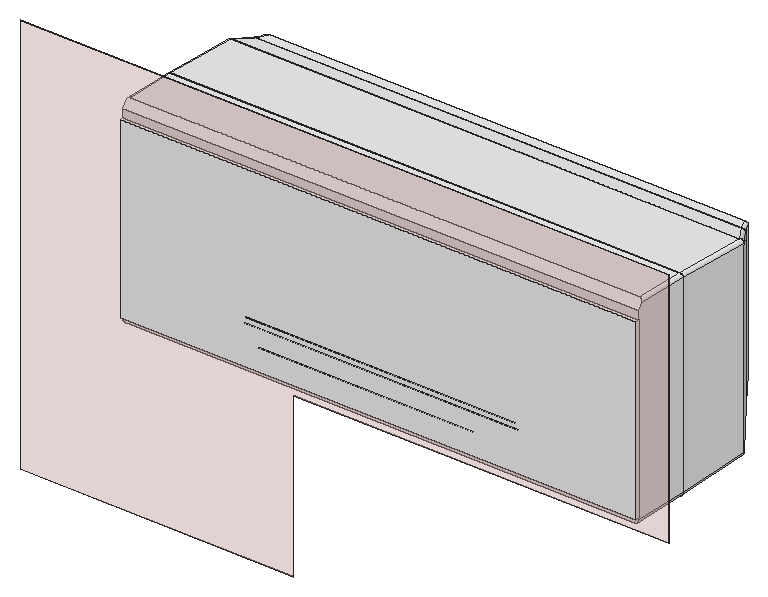
Revit family "PKFY-P25VLM-E(ET)", category Mechanical Equipment, host Wall, Revit 2016
Family settings
  Host = Wall
  Part Type = Normal
  Round Connector Dimension = Use Radius
  OmniClass Number = 23.75.00.00
  OmniClass Title = Climate Control (HVAC)
  Always vertical = Yes
  Cut with Voids When Loaded = No
  Shared = No
  Room Calculation Point = No
Parameters (values of type "PKFY-P25VLM-E(ET)_240V50Hz")
  Width (mm) = 773.000 mm
  Voltage = 240 V
  Unit Weight (kg) = 11.00 kg
  URL = "http://www.mitsubishielectric.com/"
  Subcategory = "HVAC"
  Space View = yes
  Refrigerant control device = "LEV"
  Protection Device = "Fuse"
  Phase = 1
  Outdoor unit refrigerant type = "R410A"
  Noise level (Low-Mid2-Mid1-High) (dB<A>) = "22 - 27 - 31 - 35 (measured in anechoic room)"
  Model = "PKFY-P25VLM-E(ET)"
  Manufacturer = "Mitsubishi Electric Corporation"
  Liquid pipe_radius (mm) = 3.175 mm
  Insulation material = "Polyethylene sheet"
  Hertz = 50 Hz
  Height (mm) = 299.000 mm
  Heating capacity (kW) = 3.2
  Heating Power Input (kW) = 0.02
  Heating Current Input (A) = 0.2 A
  Heat exchanger = "Cross fin (Aluminum fin and copper tube)"
  Gas pipe_radius (mm) = 6.350 mm
  Fan motor type = "DC motor"
  Fan Type = "Line flow fan"
  Fan Quantity = 1
  Fan Motor Output (kW) = 0.03
  Fan External static press (Pa(mmH2O)) = "0 (0)"
  Fan Driving mechanism = "Direct driven"
  Fan Air flow rate (Low-Mid2-Mid1-High) (m3/min) = "4.0 -4.6 -5.4 -6.7"
  External Finish = "Plastic"
  Drain pipe_radius (mm) = 8.000 mm
  Depth (mm) = 237.000 mm
  Cooling capacity (kW) = 2.8
  Cooling Power Input (kW) = 0.03
  Cooling Current Input (A) = 0.25 A
  Connectable outdoor unit = "CITY MULTI"
  Air fitter = "PP Honeycomb"
Types (5, lengths in mm): name | Voltage | Hertz
  PKFY-P25VLM-E(ET)_220V50Hz | 220 V | 50 Hz
  PKFY-P25VLM-E(ET)_230V50Hz | 230 V | 50 Hz
  PKFY-P25VLM-E(ET)_240V50Hz | 240 V | 50 Hz
  PKFY-P25VLM-E(ET)_220V60Hz | 220 V | 60 Hz
  PKFY-P25VLM-E(ET)_230V60Hz | 220 V | 60 Hz
Reference planes
  plane 1 "Wall": y = 0
  plane 2 "Center (Left/Right)": x = 0
  plane 3 "Back": y = 75
  plane 4 "TOP": z = 1800
  plane 5: z = 0
  plane 6: z = 5000
  plane 7: z = 0
  plane 8 "UNDER": z = 1501
  plane 9 "Backpanel": y = 80
  plane 10 "Right": x = -386.5
  plane 11 "Left": x = 386.5
  plane 12 "114": y = 277
  plane 13 "83": y = 163
  plane 14: x = -369.5
  plane 15: x = 369.5
  plane 16 "25": y = 302
  plane 17: x = -361.5
  plane 18: x = 361.5
  plane 19: z = 1793.368
  plane 20: y = 115
  plane 21: z = 1516
  plane 22: z = 1531
  plane 23: z = 1556
  plane 24 "FRONT": y = 317
  plane 25: y = 80
  plane 26: x = -536.5
  plane 27: x = -126.5
  plane 28: x = 436.5
  plane 29: z = 1855
  plane 30: z = 1251
  plane 31: z = 1494
Forms (mm)
  Extrusion 1, solid, material "Paint_1Y 9.2/0.2"
    sketch origin (0, 75, -700) x (1, 0, 0) y (0, 0, 1)
      loop
        line (386.5, 2475) -> (-386.5, 2475) -> (-386.5, 2209) -> (386.5, 2209) -> (386.5, 2475)
    from 0 to -5
  Extrusion 2, solid, material "Paint_1Y 9.2/0.2"
    sketch origin (0, 80, -700) x (0, 0, -1) y (1, 0, 0)
      loop
        line (-2500, 381.5) -> (-2500, -381.5)
        arc (-2500, -381.5) -> (-2498.536, -385.036) -> (-2495, -386.5) r 5
        line (-2495, -386.5) -> (-2206, -386.5)
        arc (-2206, -386.5) -> (-2202.464, -385.036) -> (-2201, -381.5) r 5
        line (-2201, -381.5) -> (-2201, 381.5)
        arc (-2201, 381.5) -> (-2202.464, 385.036) -> (-2206, 386.5) r 5
        line (-2206, 386.5) -> (-2495, 386.5)
        arc (-2495, 386.5) -> (-2498.536, 385.036) -> (-2500, 381.5) r 5
    from 0 to -83
  Extrusion 3, void
    sketch origin (0, 0, -700) x (0, 1, 0) y (0, 0, 1)
      loop
        line (89, 2500) -> (80, 2500) -> (80, 2487) -> (89, 2500)
    from 386.5 to -386.5
  Blend 4, solid, material "Paint_1Y 9.2/0.2"
    base sketch origin (0, 277, 0) x (0, 0, 1) y (-1, 0, 0)
      loop
        line (1796, -381.5) -> (1796, 381.5)
        arc (1796, 381.5) -> (1794.536, 385.036) -> (1791, 386.5) r 5
        line (1791, 386.5) -> (1510, 386.5)
        arc (1510, 386.5) -> (1506.464, 385.036) -> (1505, 381.5) r 5
        line (1505, 381.5) -> (1505, -381.5)
        arc (1505, -381.5) -> (1506.464, -385.036) -> (1510, -386.5) r 5
        line (1510, -386.5) -> (1791, -386.5)
        arc (1791, -386.5) -> (1794.536, -385.036) -> (1796, -381.5) r 5
    top sketch origin (0, 277, 0) x (0, 0, 1) y (-1, 0, 0)
      loop
        line (1793, -364.5) -> (1793, 364.5)
        arc (1793, 364.5) -> (1791.536, 368.036) -> (1788, 369.5) r 5
        line (1788, 369.5) -> (1559, 369.5)
        arc (1559, 369.5) -> (1555.464, 368.036) -> (1554, 364.5) r 5
        line (1554, 364.5) -> (1554, -364.5)
        arc (1554, -364.5) -> (1555.464, -368.036) -> (1559, -369.5) r 5
        line (1559, -369.5) -> (1788, -369.5)
        arc (1788, -369.5) -> (1791.536, -368.036) -> (1793, -364.5) r 5
    from 0 to -25
  Blend 5, solid, material "Paint_1Y 9.2/0.2"
    base sketch origin (0, 302, 0) x (0, 0, 1) y (-1, 0, 0)
      loop
        arc (1793, 364.5) -> (1791.536, 368.036) -> (1788, 369.5) r 5
        line (1788, 369.5) -> (1559, 369.5)
        arc (1559, 369.5) -> (1555.464, 368.036) -> (1554, 364.5) r 5
        line (1554, 364.5) -> (1554, -364.5)
        arc (1554, -364.5) -> (1555.464, -368.036) -> (1559, -369.5) r 5
        line (1559, -369.5) -> (1788, -369.5)
        arc (1788, -369.5) -> (1791.536, -368.036) -> (1793, -364.5) r 5
        line (1793, -364.5) -> (1793, 364.5)
    top sketch origin (0, 302, 0) x (0, 0, 1) y (-1, 0, 0)
      loop
        line (1793, -356.5) -> (1793, 356.5)
        arc (1793, 356.5) -> (1791.536, 360.036) -> (1788, 361.5) r 5
        line (1788, 361.5) -> (1590, 361.5)
        arc (1590, 361.5) -> (1586.464, 360.036) -> (1585, 356.5) r 5
        line (1585, 356.5) -> (1585, -356.5)
        arc (1585, -356.5) -> (1586.464, -360.036) -> (1590, -361.5) r 5
        line (1590, -361.5) -> (1788, -361.5)
        arc (1788, -361.5) -> (1791.536, -360.036) -> (1793, -356.5) r 5
    from 0 to -15
  Blend 6, solid, material "Paint_1Y 9.2/0.2"
    base sketch origin (0, 163, 0) x (0, 0, 1) y (-1, 0, 0)
      loop
        arc (1800, 381.5) -> (1798.536, 385.036) -> (1795, 386.5) r 5
        line (1795, 386.5) -> (1506, 386.5)
        arc (1506, 386.5) -> (1502.464, 385.036) -> (1501, 381.5) r 5
        line (1501, 381.5) -> (1501, -381.5)
        arc (1501, -381.5) -> (1502.464, -385.036) -> (1506, -386.5) r 5
        line (1506, -386.5) -> (1795, -386.5)
        arc (1795, -386.5) -> (1798.536, -385.036) -> (1800, -381.5) r 5
        line (1800, -381.5) -> (1800, 381.5)
    top sketch origin (0, 163, 0) x (0, 0, 1) y (-1, 0, 0)
      loop
        line (1796, -381.5) -> (1796, 381.5)
        arc (1796, 381.5) -> (1794.536, 385.036) -> (1791, 386.5) r 5
        line (1791, 386.5) -> (1510, 386.5)
        arc (1510, 386.5) -> (1506.464, 385.036) -> (1505, 381.5) r 5
        line (1505, 381.5) -> (1505, -381.5)
        arc (1505, -381.5) -> (1506.464, -385.036) -> (1510, -386.5) r 5
        line (1510, -386.5) -> (1791, -386.5)
        arc (1791, -386.5) -> (1794.536, -385.036) -> (1796, -381.5) r 5
    from 0 to -114
  Extrusion 7, solid
    sketch origin (-386.5, 0, 5) x (0, 0, -1) y (0, 1, 0)
      loop
        circle (-1511, 115) r 3.175
    from 178 to 601
  Extrusion 8, solid
    sketch origin (-386.5, 0, -5) x (0, 0, -1) y (0, 1, 0)
      loop
        circle (-1536, 115) r 6.35
    from 192 to 552
  Extrusion 9, solid
    sketch origin (-386.5, 0, 0) x (0, 0, -1) y (0, 1, 0)
      loop
        circle (-1556, 115) r 8
    from 160 to 660
  Extrusion 10, solid, material "Service space", visible <- "Space View"
    sketch origin (0, 75, 0) x (1, 0, 0) y (0, 0, 1)
      loop
        line (-536.5, 1855) -> (-536.5, 1251) -> (-126.5, 1251) -> (-126.5, 1494) -> (436.5, 1494) -> (436.5, 1855) -> (-536.5, 1855)
    from 0 to -1
  Extrusion 11, solid
    sketch origin (-386.5, 0, 0) x (0, 0, -1) y (0, 1, 0)
      loop
        circle (-1556, 115) r 14.5
    from 160 to 655
  Extrusion 12, solid, material "Paint_1Y 9.2/ 0.2"
    sketch origin (0, 0, 0) x (0, 1, 0) y (0, 0, 1)
      loop
        line (187, 1554) -> (187, 1501.842) -> (277, 1505) -> (302, 1554) -> (187, 1554)
    from -187.5 to 337.5
Cuts and joins
  Extrusion 3 cuts Extrusion 2
Lines and regions (mm)
  model lines
    curve 1: line (386.5, 80, 1582) -> (386.5, 163, 1582)
    curve 2: line (-386.5, 80, 1582) -> (-386.5, 163, 1582)
Text (mm)
  text "Placement side" at (-1820.995, 1116.779, 0), in view "Ref. Level"
  text "Placement side" at (0, 1334.055, 2976.191), in view "Left"
  text "Placement side" at (0, 439.194, 2944.362), in view "Right"
Dimensions and locks
  locked: plane 3 "Back" to host wall
  Extrusion 9 to plane 10 "Right" = 160.000 mm
  Extrusion 9 to Extrusion 9 = 500.000 mm
  Extrusion 7 to plane 10 "Right" = 178.000 mm
  Extrusion 7 to Extrusion 7 = 423.000 mm
  Extrusion 8 to plane 10 "Right" = 192.000 mm
  Extrusion 8 to Extrusion 8 = 360.000 mm
  plane 11 "Left" to plane 10 "Right" = 773.000 mm
  plane 8 "UNDER" to plane 4 "TOP" = 299.000 mm
  plane 25 to plane 3 "Back" = 5.000 mm
  plane 24 "FRONT" to plane 25 = 237.000 mm
  plane 4 "TOP" to plane 29 = 55.000 mm
  plane 31 to plane 8 "UNDER" = 7.000 mm
  plane 30 to plane 8 "UNDER" = 250.000 mm
  plane 10 "Right" to plane 26 = 150.000 mm
  plane 27 to plane 10 "Right" = 260.000 mm
  plane 28 to plane 11 "Left" = 50.000 mm
  plane 11 "Left" to plane 2 "Center (Left/Right)" = 386.500 mm
  plane 2 "Center (Left/Right)" to plane 10 "Right" = 386.500 mm
  Extrusion 12 to plane 10 "Right" = 199.000 mm
  Extrusion 12 to Extrusion 12 = 525.000 mm
  Blend 6 to Extrusion 12 = 49.000 mm
  aligned and locked: plane 1 "Wall" to host wall
Connectors
  piping at (214.5, 115, 1516), diameter 6.35, driven by "Liquid pipe_radius (mm)"
    settings: on Extrusion 7, index 1, connector inside diameter 609.6 mm, connector length 0.000 mm, flow factor 0, pipe flow 0.0 L/s, pressure drop 0.0 Pa, fitting loss kfactor 0, connector angle 0.00°, fixture units 0, engagement length 0.000 mm, angle of deflection 0.00°, flow configuration 0, flow direction 0, fitting loss method 0, system type 22, joint type 0, gender type 0, connector reference index -1, connector utility 0, adjustable connector no, is connector primary yes, connector description "Liquid Pipe"
  piping at (165.5, 115, 1531), diameter 12.7, driven by "Gas pipe_radius (mm)"
    settings: on Extrusion 8, index 2, connector inside diameter 609.6 mm, connector length 0.000 mm, flow factor 0, pipe flow 0.0 L/s, pressure drop 0.0 Pa, fitting loss kfactor 0, connector angle 0.00°, fixture units 0, engagement length 0.000 mm, angle of deflection 0.00°, flow configuration 0, flow direction 0, fitting loss method 0, system type 22, joint type 0, gender type 0, connector reference index -1, connector utility 0, adjustable connector no, is connector primary no, connector description "Gas Pipe"
  piping at (273.5, 115, 1556), diameter 16, driven by "Drain pipe_radius (mm)"
    settings: on Extrusion 9, index 3, connector inside diameter 609.6 mm, connector length 0.000 mm, flow factor 0, pipe flow 0.0 L/s, pressure drop 0.0 Pa, fitting loss kfactor 0, connector angle 0.00°, fixture units 0, engagement length 0.000 mm, angle of deflection 0.00°, flow configuration 0, flow direction 0, fitting loss method 0, system type 22, joint type 0, gender type 0, connector reference index -1, connector utility 0, adjustable connector no, is connector primary no, connector description "Drain Pipe"
  electrical at (0, 80, 1642), driven by "Voltage", driven by "Phase"
    settings: on Extrusion 1, index 4, voltage 240 V, apparent load 0 VA, apparent load phase1 0 VA, apparent load phase2 0 VA, apparent load phase3 0 VA, power factor 1, load classification "Other", number of poles 1, system type 30, power factor state 1, is connector primary yes, connector utility no, sub classification motor no, connector description ""
